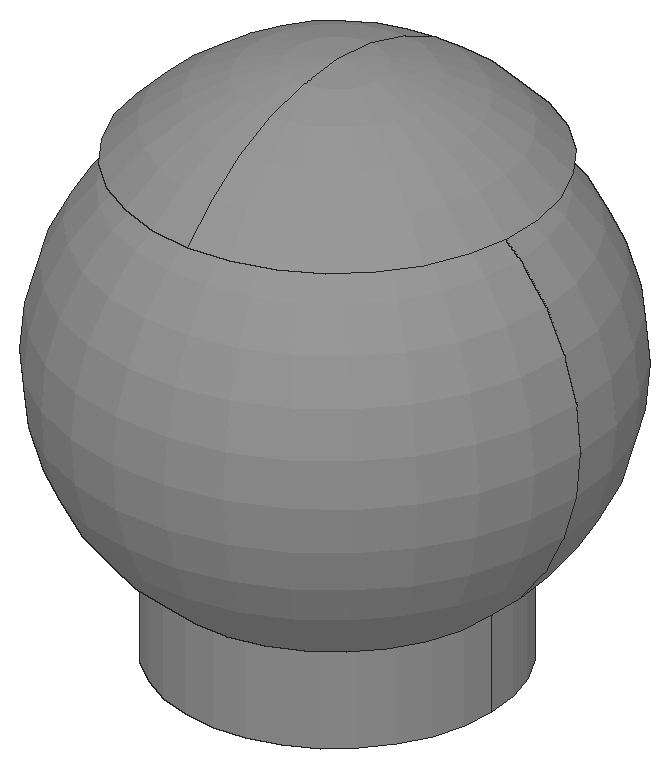
Revit family "нанодефлектор 160 (1)", category Обобщенные модели, Revit 2022
Family settings
  Может служить основой для арматурных стержней = Нет
  Размер круглого соединителя = Использовать диаметр
  Тип детали = Нормальный
  На основе рабочей плоскости = Нет
  Всегда вертикально = Да
  При загрузке вырезать с полостями = Нет
  Сохранять ориентацию аннотаций = Нет
  Общий = Нет
  Точка принадлежности помещению = Нет
Parameters
  Отметка по умолчанию = 500 mm
  ADSK_Наименование краткое = "РВТ-160"  # constant formula
  ADSK_Наименование = "Ротационная вентиляционная турбина 160 мм"  # constant formula
  ADSK_Материал наименование = "АБС-пластик"  # constant formula
  ADSK_Масса = 0.9
  ADSK_Завод-изготовитель = "GERVENT"  # constant formula
Reference planes
  plane 1 "По центру (Вперед/Назад)": y = 0
  plane 2: z = 0
  plane 3 "По центру (Влево/Вправо)": x = 0
  plane 4: z = 309.061
  plane 5: z = -309.061
Forms (mm)
  Extrusion 1, solid, material "Полиэтилен, высокая плотность"
    sketch origin (0, 0, 0) x (1, 0, 0) y (0, 1, 0)
      loop
        circle (0, 0) r 81.8
    from 0 to 46.2
  Sweep 2, solid, material "Полиэтилен, высокая плотность"
    path origin (0, -1.654, 0) x (1, 0, 0) y (0, 1, 0)
      loop
        circle (0, 0) r 81.8
    profile origin (0, 80.146, 0) x (0, -1, 0) y (0, 0, 1)
      loop
        arc (0, 46.313) -> (-37.088, 140.463) -> (0, 234.613) r 138.046
        arc (0, 234.613) -> (-48.2, 140.463) -> (0, 46.313) r 116.052
  Revolve 3, solid, material "Полиэтилен, высокая плотность"
    sketch origin (0, 0, 0) x (0, 1, 0) y (0, 0, 1)
      loop
        line (0, 280.5) -> (0, 236.999) -> (98.441, 234.292)
        arc (98.441, 234.292) -> (54.171, 267.942) -> (0, 280.5) r 132.71
      axis (0, 280.5) -> (0, 234.292)
    angle from 0 to 360
Dimensions and locks
  aligned and locked: level to plane 2
Connectors
  hvac at (0, 0, 0)
    settings: on Extrusion 1, index 1, duct flow 0.0 L/s, flow factor 0, pres drop 0.0 Pa, loss coef 0, conn angle 0.00°, conn width 304.8 mm, conn height 304.8 mm, conn diameter 160 mm, duct sys type 29, conn prof type 0, flow config 0, flow direction 1, loss method 0, conn ref index -1, conn util no, is conn primary yes, conn desc ""
